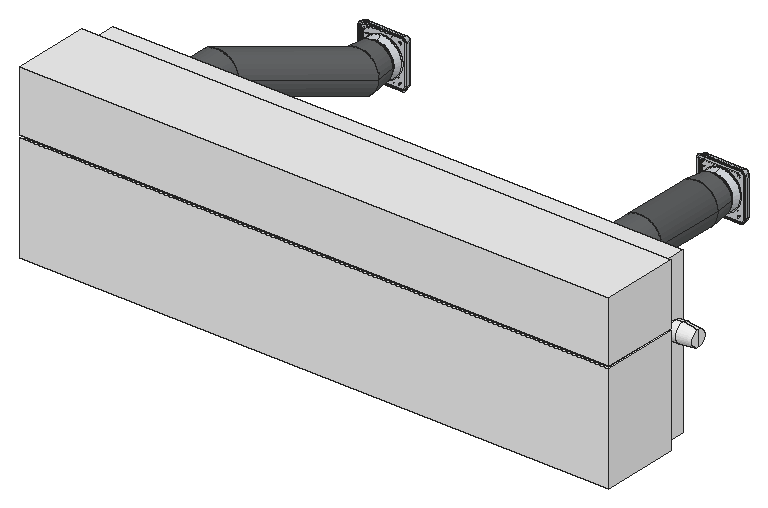
Revit family "57_CRD_ME_Vita_H1C", category Mechanical Equipment, Revit 2020
Family settings
  Round Connector Dimension = Use Diameter
  Classification = None
  Part Type = Normal
  Work Plane-Based = Yes
  Always vertical = Yes
  Cut with Voids When Loaded = Yes
  Shared = No
  Room Calculation Point = Yes
Parameters (values of type "1320  x 485 x 142")
  voltage = 230 V  # constant formula
  thermostaat_rechts [instance] = positie_invoer_cv < 4  # yes
  thermostaat_links [instance] = not(thermostaat_rechts)  # no
  schacht = yes
  ruimte_onder_unit = 20 mm  # constant formula
  roosters_hoh_maat [instance] = 880 mm
  rooster_offset_X_rechts [instance] = roosters_hoh_maat - hoh_ventilatie_doorvoeren + rooster_offset_X_links  # -109 mm
  rooster_offset_X_links_vrij_invullen [instance] = 0 mm
  positie_wcd_uit_hart_unit = 676 mm  # constant formula
  rooster_offset_Y [instance] = -100 mm
  rooster_offset_X_links [instance] = if(hart_roosters_gelijk_aan_hart_unit, (hoh_ventilatie_doorvoeren - roosters_hoh_maat) / 2, rooster_offset_X_links_vrij_invullen)  # 109 mm
  positie_invoer_cv [instance] = 2
  muurrooster_waalformaat [instance] = not(muurrooster_vierkant)  # no
  muurrooster_vierkant [instance] = yes
  materiaal_rooster [instance] = none
  materiaal_unit [instance] = aluminium_RAL_9016
  materiaal_kanaal [instance] = Color RAL 7021
  invoer_cv [instance] = 0.0 L/s
  hart_wand_cv_vanaf_vloerniveau [instance] = 178.149 mm
  hart_roosters_gelijk_aan_hart_unit [instance] = yes
  dikte_binnenspouwblad [instance] = 100 mm
  lengte_achterpaneel = lengte - 50 mm  # 1480 mm
  lengte = 1530 mm  # constant formula
  hoogte_ril = 6 mm
  hoogte = 445 mm  # constant formula
  hoh_ventilatie_doorvoeren = 549 mm * 2  # 1098 mm
  hart_wcd_tov_vloerpeil = 365 mm  # constant formula
  hart_doorvoer_tov_ok_kast = hart_wcd_tov_vloerpeil - ruimte_onder_unit  # 345 mm
  dikte_spouwconstructie [instance] = 500 mm
  diepte_ril = 6 mm
  diepte_achterpaneel = 70 mm  # constant formula
  diepte = 270 mm  # constant formula
  diameter_cv [instance] = 15 mm
  diameter_aansluiting [instance] = if(connection_diameter_110, 110 mm, 150 mm)  # 110 mm
  debiet_m3h_maximaal [instance] = 125.00 m³  # constant formula
  debiet_m3h [instance] = 100.00 m³
  debiet_Ls [instance] = debiet_m3h / 3600.0 s  # 27.7778 L/s
  6=cv_invoer_linksachter [instance] = positie_invoer_cv = 6  # no
  3=cv_invoer_rechtsachter [instance] = positie_invoer_cv = 3  # no
  5=cv_invoer_linksonder [instance] = positie_invoer_cv = 5  # no
  2=cv_invoer_rechtsonder [instance] = positie_invoer_cv = 2  # yes
  1=cv_invoer_rechts [instance] = positie_invoer_cv = 1  # no
  4=cv_invoer_links [instance] = positie_invoer_cv = 4  # no
  connection_diameter_150 [instance] = 1 > 2  # no
  connection_diameter_110 [instance] = 2 > 1  # yes
  borstwering = hoogte + ruimte_onder_unit  # 465 mm
  bk_ril = 305 mm
  eis_offset_Y [instance] = "negatief getal ivm ontwatering"  # constant formula
  Model = "Sensa H2X"  # constant formula
  Manufacturer = "ClimaRad"  # constant formula
  Description = "ClimaRad Sensa H2X ventilatie-unit"  # constant formula
  Default Elevation = 1219.2 mm
Reference planes
  plane 1 "Center (Front/Back)": y = 0
  plane 2: z = 0
  plane 3 "Center (Left/Right)": x = 0
  plane 4: x = -765
  plane 5: x = 765
  plane 6: y = -270
  plane 7 "onderkant": z = 20
  plane 8 "bovenkant": z = 465
  plane 9: y = 500
  plane 10: y = -70
  plane 11 "links_cv": x = -740
  plane 12 "rechts_cv": x = 740
  plane 13 "onderkant_cv": z = 22.5
  plane 14: z = 447.5
  plane 15 "hart_doorvoer": z = 365
  plane 16: x = -549
  plane 17: x = 549
  plane 18: x = -676
  plane 19 "wcd": z = 365
  plane 20: z = 305
  plane 21: z = 299
  plane 22: y = -264
  plane 23: y = -105
  plane 24: y = -255
  plane 25: x = -750
  plane 26: x = 750
  plane 27 "thermostaatknop": y = -40
  plane 28 "invoer_cv": y = -35
  plane 29: z = 85
  plane 30: z = 135
  plane 31: z = 285
  plane 32: x = 640
  plane 33: x = 690
  plane 34: x = -640
  plane 35: x = -690
  plane 36: z = 178.149
Forms (mm)
  Extrusion 1, solid, material "aluminium_RAL_9016" <- "materiaal_unit"
    sketch origin (0, 0, 0) x (1, 0, 0) y (0, 0, 1)
      loop
        line (-765, 465) -> (-765, 20) -> (765, 20) -> (765, 465) -> (-765, 465)
    from 70 to 270
  Extrusion 2, solid, material "aluminium_RAL_9016" <- "materiaal_unit"
    sketch origin (0, 0, 0) x (1, 0, 0) y (0, 0, 1)
      loop
        line (-740, 447.5) -> (-740, 22.5) -> (740, 22.5) -> (740, 447.5) -> (-740, 447.5)
    from 0 to 70
  Sweep 3, void
    path origin (0, 0, 465) x (-1, 0, 0) y (0, -1, 0)
      loop
        line (765, 70) -> (765, 270) -> (-765, 270) -> (-765, 70)
    profile origin (0, -270, 465) x (0, 1, 0) y (0, 0, 1)
      loop
        line (6, -166) -> (6, -160) -> (0, -160) -> (0, -166) -> (6, -166)
  Extrusion 4, solid, material "aluminium_RAL_9016" <- "materiaal_unit", visible <- "1=cv_invoer_rechts"
    sketch origin (740, 0, 0) x (0, 1, 0) y (0, 0, 1)
      loop
        circle (-35, 85) r 7.5
    from 0 to 10
  Extrusion 5, solid, material "aluminium_RAL_9016" <- "materiaal_unit", visible <- "1=cv_invoer_rechts"
    sketch origin (740, 0, 0) x (0, 1, 0) y (0, 0, 1)
      loop
        circle (-35, 135) r 7.5
    from 0 to 10
  Revolve 6, solid, material "aluminium_RAL_9016" <- "materiaal_unit", visible <- "thermostaat_rechts"
    sketch origin (0, -40, 0) x (-1, 0, 0) y (0, 0, 1)
      loop
        line (-747.5, 285) -> (-747.5, 303.75) -> (-756.09, 303.75) -> (-756.09, 309.5) -> (-773.59, 309.5) -> (-812.09, 305.453) -> (-812.09, 285) -> (-747.5, 285)
      axis (-747.5, 285) -> (-812.09, 285)
    angle from 0 to 360
  Revolve 7, solid, material "aluminium_RAL_9016" <- "materiaal_unit", visible <- "thermostaat_links"
    sketch origin (0, -40, 0) x (1, 0, 0) y (0, 0, 1)
      loop
        line (-747.5, 285) -> (-747.5, 303.75) -> (-756.09, 303.75) -> (-756.09, 309.5) -> (-773.59, 309.5) -> (-812.09, 305.453) -> (-812.09, 285) -> (-747.5, 285)
      axis (-747.5, 285) -> (-812.09, 285)
    angle from 0 to 360
  Extrusion 8, solid, material "aluminium_RAL_9016" <- "materiaal_unit", visible <- "4=cv_invoer_links"
    sketch origin (-740, 0, 0) x (0, 1, 0) y (0, 0, 1)
      loop
        circle (-35, 85) r 7.5
    from 0 to -10
  Extrusion 9, solid, material "aluminium_RAL_9016" <- "materiaal_unit", visible <- "4=cv_invoer_links"
    sketch origin (-740, 0, 0) x (0, 1, 0) y (0, 0, 1)
      loop
        circle (-35, 135) r 7.5
    from 0 to -10
  Extrusion 10, solid, material "aluminium_RAL_9016" <- "materiaal_unit", visible <- "5=cv_invoer_linksonder"
    sketch origin (0, 0, 22.5) x (0, 1, 0) y (-1, 0, 0)
      loop
        circle (-35, 690) r 7.5
    from 0 to -10
  Extrusion 11, solid, material "aluminium_RAL_9016" <- "materiaal_unit", visible <- "5=cv_invoer_linksonder"
    sketch origin (50, 0, 22.5) x (0, 1, 0) y (-1, 0, 0)
      loop
        circle (-35, 690) r 7.5
    from 0 to -10
  Extrusion 12, solid, material "aluminium_RAL_9016" <- "materiaal_unit", visible <- "2=cv_invoer_rechtsonder"
    sketch origin (1330, 0, 22.5) x (0, 1, 0) y (-1, 0, 0)
      loop
        circle (-35, 690) r 7.5
    from 0 to -10
  Extrusion 13, solid, material "aluminium_RAL_9016" <- "materiaal_unit", visible <- "2=cv_invoer_rechtsonder"
    sketch origin (1380, 0, 22.5) x (0, 1, 0) y (-1, 0, 0)
      loop
        circle (-35, 690) r 7.5
    from 0 to -10
  Extrusion 14, solid, material "aluminium_RAL_9016" <- "materiaal_unit", visible <- "3=cv_invoer_rechtsachter"
    sketch origin (0, 0, 0) x (1, 0, 0) y (0, 0, 1)
      loop
        circle (690, 178.149) r 7.5
    from 0 to -10
  Extrusion 15, solid, material "aluminium_RAL_9016" <- "materiaal_unit", visible <- "3=cv_invoer_rechtsachter"
    sketch origin (0, 0, 0) x (1, 0, 0) y (0, 0, 1)
      loop
        circle (640, 178.149) r 7.5
    from 0 to -10
  Extrusion 16, solid, material "aluminium_RAL_9016" <- "materiaal_unit", visible <- "6=cv_invoer_linksachter"
    sketch origin (0, 0, 0) x (1, 0, 0) y (0, 0, 1)
      loop
        circle (-640, 178.149) r 7.5
    from 0 to -10
  Extrusion 17, solid, material "aluminium_RAL_9016" <- "materiaal_unit", visible <- "6=cv_invoer_linksachter"
    sketch origin (0, 0, 0) x (1, 0, 0) y (0, 0, 1)
      loop
        circle (-690, 178.149) r 7.5
    from 0 to -10
Cuts and joins
  Sweep 3 cuts Extrusion 1
Lines and regions (mm)
  model lines, style "Grille"
    curve 1: line (-750, -105, 465) -> (-750, -255, 465)
    curve 2: line (750, -105, 465) -> (-750, -105, 465)
    curve 3: line (-750, -255, 465) -> (750, -255, 465)
    curve 4: line (750, -255, 465) -> (750, -105, 465)
    curve 5: line (750, -245.322, 465) -> (-750, -245.322, 465)
    curve 6: line (-750, -242.722, 465) -> (750, -242.722, 465)
    curve 7: line (750, -232.822, 465) -> (-750, -232.822, 465)
    curve 8: line (-750, -230.222, 465) -> (750, -230.222, 465)
    curve 9: line (750, -220.322, 465) -> (-750, -220.322, 465)
    curve 10: line (-750, -217.722, 465) -> (750, -217.722, 465)
    curve 11: line (750, -207.822, 465) -> (-750, -207.822, 465)
    curve 12: line (-750, -205.222, 465) -> (750, -205.222, 465)
    curve 13: line (750, -195.322, 465) -> (-750, -195.322, 465)
    curve 14: line (-750, -192.722, 465) -> (750, -192.722, 465)
    curve 15: line (750, -182.822, 465) -> (-750, -182.822, 465)
    curve 16: line (-750, -180.222, 465) -> (750, -180.222, 465)
    curve 17: line (750, -170.322, 465) -> (-750, -170.322, 465)
    curve 18: line (-750, -167.722, 465) -> (750, -167.722, 465)
    curve 19: line (750, -157.822, 465) -> (-750, -157.822, 465)
    curve 20: line (-750, -155.222, 465) -> (750, -155.222, 465)
    curve 21: line (750, -145.322, 465) -> (-750, -145.322, 465)
    curve 22: line (-750, -142.722, 465) -> (750, -142.722, 465)
    curve 23: line (750, -132.822, 465) -> (-750, -132.822, 465)
    curve 24: line (-750, -130.222, 465) -> (750, -130.222, 465)
    curve 25: line (750, -120.322, 465) -> (-750, -120.322, 465)
    curve 26: line (-750, -117.722, 465) -> (750, -117.722, 465)
    curve 27: line (750, -107.822, 465) -> (-750, -107.822, 465)
    curve 28: line (-730, -75.836, 465) -> (-730, -95.836, 465)
    curve 29: arc (-725, -70.836, 465) -> (-728.536, -72.3, 465) -> (-730, -75.836, 465) r 5
    curve 30: arc (-730, -95.836, 465) -> (-728.536, -99.371, 465) -> (-725, -100.836, 465) r 5
    curve 31: line (-725, -100.836, 465) -> (-515, -100.836, 465)
    curve 32: line (-515, -70.836, 465) -> (-725, -70.836, 465)
    curve 33: circle (-687, -85.836, 465) r 5 normal (0, 0, 1)
    curve 34: circle (-640, -85.836, 465) r 5 normal (0, 0, 1)
    curve 35: circle (-616, -85.836, 465) r 5 normal (0, 0, 1)
    curve 36: circle (-593.6, -85.836, 465) r 5 normal (0, 0, 1)
    curve 37: circle (-574.9, -85.836, 465) r 5 normal (0, 0, 1)
    curve 38: circle (-556.2, -85.836, 465) r 5 normal (0, 0, 1)
    curve 39: arc (-515, -100.836, 465) -> (-511.464, -99.371, 465) -> (-510, -95.836, 465) r 5
    curve 40: line (-510, -95.836, 465) -> (-510, -75.836, 465)
    curve 41: arc (-510, -75.836, 465) -> (-511.464, -72.3, 465) -> (-515, -70.836, 465) r 5
Dimensions and locks
  equal spacing: plane 4, plane 3 "Center (Left/Right)", plane 5
  "lengte": plane 4 to plane 5
  "diepte": plane 6 to plane 1 "Center (Front/Back)"
  "hoogte": plane 8 "bovenkant" to plane 7 "onderkant"
  "borstwering": plane 8 "bovenkant" to plane 2
  "dikte_spouwconstructie": plane 9 to plane 1 "Center (Front/Back)"
  "diepte_achterpaneel": plane 10 to plane 1 "Center (Front/Back)"
  equal spacing: plane 11 "links_cv", plane 3 "Center (Left/Right)", plane 12 "rechts_cv"
  "lengte_achterpaneel": plane 11 "links_cv" to plane 12 "rechts_cv"
  locked: plane 8 "bovenkant" to plane 14 at 17.5
  locked: plane 13 "onderkant_cv" to plane 7 "onderkant" at 2.5
  "hart_doorvoer_tov_ok_kast": plane 15 "hart_doorvoer" to plane 7 "onderkant"
  equal spacing: plane 17, plane 3 "Center (Left/Right)", plane 16
  "hoh_ventilatie_doorvoeren": plane 17 to plane 16
  "positie_wcd_uit_hart_unit": plane 3 "Center (Left/Right)" to plane 18
  "hart_wcd_tov_vloerpeil": plane 19 "wcd" to plane 2
  "bk_ril": plane 20 to plane 2
  "hoogte_ril": plane 20 to plane 21
  "diepte_ril": plane 22 to plane 6
  locked: plane 10 to plane 23 at 35
  plane 24 to plane 6 = 15 mm
  locked: plane 4 to plane 25 at 15
  locked: plane 26 to plane 5 at 15
  locked: plane 1 "Center (Front/Back)" to plane 27 "thermostaatknop" at 40
  plane 1 "Center (Front/Back)" to plane 28 "invoer_cv" = 35 mm
  plane 29 to plane 2 = 85 mm
  plane 30 to plane 29 = 50 mm
  plane 31 to plane 30 = 150 mm
  plane 35 to plane 34 to plane 3 "Center (Left/Right)" to plane 32 = 50 mm, 640 mm, 640 mm
  plane 32 to plane 33 = 50 mm
  "hart_wand_cv_vanaf_vloerniveau": plane 36 to plane 2
  "diameter_cv": diameter of Extrusion 14 sketch curve
  "diameter_cv": diameter of Extrusion 15 sketch curve
  "diameter_cv": diameter of Extrusion 16 sketch curve
  "diameter_cv": diameter of Extrusion 17 sketch curve
  aligned and locked: level to plane 2
  aligned and locked: Extrusion 1 sketch curve to plane 8 "bovenkant"
  aligned and locked: plane 4 to Extrusion 1 sketch curve
  aligned and locked: Extrusion 1 sketch curve to plane 7 "onderkant"
  aligned and locked: Extrusion 1 sketch curve to plane 5
  aligned and locked: Extrusion 1 to plane 6
  aligned and locked: plane 10 to Extrusion 1
  aligned and locked: Extrusion 2 sketch curve to plane 14
  aligned and locked: plane 11 "links_cv" to Extrusion 2 sketch curve
  aligned and locked: plane 13 "onderkant_cv" to Extrusion 2 sketch curve
  aligned and locked: Extrusion 2 sketch curve to plane 12 "rechts_cv"
  aligned and locked: Extrusion 2 to plane 10
  aligned and locked: nested 1 to plane 1 "Center (Front/Back)"
  aligned and locked: nested 1 to plane 16
  aligned and locked: nested 3 to plane 1 "Center (Front/Back)"
  aligned and locked: nested 3 to plane 17
  aligned and locked: Sweep 3 sketch curve to plane 6
  aligned and locked: Sweep 3 sketch curve to plane 4
  aligned and locked: Sweep 3 sketch curve to plane 5
  aligned and locked: plane 10 to Sweep 3 sketch curve  (x2)
  aligned and locked: plane 21 to Sweep 3 sketch curve
  aligned and locked: Sweep 3 sketch curve to plane 22
  aligned and locked: Sweep 3 sketch curve to plane 20
  aligned and locked: Sweep 3 sketch curve to profile plane
  aligned and locked: curve 1 to plane 25
  aligned and locked: curve 3 to plane 24
  aligned and locked: plane 23 to curve 2
  aligned and locked: plane 26 to curve 4
Automatic sketch dimensions
  curve 34 to plane 34 = 0 mm
  plane 23 to curve 40 = 9.164 mm
  plane 16 to curve 40 = 39 mm
  curve 40 to curve 41 = 5 mm
  curve 39 to curve 39 = 5 mm
  curve 38 to plane 16 = 7.2 mm
  curve 38 to curve 37 = 18.7 mm
  curve 37 to curve 36 = 18.7 mm
  curve 36 to curve 35 = 22.4 mm
  curve 33 to plane 35 = 3 mm
  curve 32 to plane 10 = 0.836 mm
  plane 11 "links_cv" to curve 32 = 15 mm
  plane 11 "links_cv" to curve 31 = 15 mm
  curve 29 to curve 28 = 5 mm
  curve 38 to plane 10 = 15.836 mm
  curve 37 to plane 10 = 15.836 mm
  curve 33 to plane 10 = 15.836 mm
  curve 35 to plane 10 = 15.836 mm
  curve 34 to plane 10 = 15.836 mm
  curve 36 to plane 10 = 15.836 mm
  curve 2 to curve 27 = 2.822 mm
  curve 27 to curve 26 = 9.9 mm
  curve 26 to curve 25 = 2.6 mm
  curve 25 to curve 24 = 9.9 mm
  curve 24 to curve 23 = 2.6 mm
  curve 23 to curve 22 = 9.9 mm
  curve 22 to curve 21 = 2.6 mm
  curve 21 to curve 20 = 9.9 mm
  curve 20 to curve 19 = 2.6 mm
  curve 19 to curve 18 = 9.9 mm
  curve 18 to curve 17 = 2.6 mm
  curve 17 to curve 16 = 9.9 mm
  curve 16 to curve 15 = 2.6 mm
  curve 15 to curve 14 = 9.9 mm
  curve 14 to curve 13 = 2.6 mm
  curve 13 to curve 12 = 9.9 mm
  curve 12 to curve 11 = 2.6 mm
  curve 11 to curve 10 = 9.9 mm
  curve 10 to curve 9 = 2.6 mm
  curve 9 to curve 8 = 9.9 mm
  curve 8 to curve 7 = 2.6 mm
  curve 7 to curve 6 = 9.9 mm
  curve 6 to curve 5 = 2.6 mm
  Extrusion 4 sketch curve to plane 28 "invoer_cv" = 0 mm
  Extrusion 4 sketch curve to plane 29 = 0 mm
  Extrusion 5 sketch curve to plane 28 "invoer_cv" = 0 mm
  Extrusion 5 sketch curve to plane 30 = 0 mm
  Revolve 6 sketch curve to plane 31 = 0 mm  (x2)
  plane 20 to Revolve 6 sketch curve = 0.453 mm
  plane 5 to Revolve 6 sketch curve = 47.09 mm
  plane 5 to Revolve 6 sketch curve = 8.59 mm
  Revolve 6 sketch curve to plane 20 = 1.25 mm
  plane 26 to Revolve 6 sketch curve = 6.09 mm
  Revolve 6 sketch curve to plane 26 = 2.5 mm
  plane 20 to Revolve 6 sketch curve = 4.5 mm
  Revolve 6 sketch curve to Revolve 6 sketch curve = 1086.893 mm
  Revolve 6 sketch curve to plane 4 = 682.782 mm
  Revolve 7 sketch curve to plane 31 = 0 mm  (x2)
  Revolve 7 sketch curve to plane 20 = 0.453 mm
  plane 4 to Revolve 7 sketch curve = 47.09 mm
  plane 4 to Revolve 7 sketch curve = 8.59 mm
  plane 20 to Revolve 7 sketch curve = 1.25 mm
  plane 25 to Revolve 7 sketch curve = 6.09 mm
  Revolve 7 sketch curve to plane 25 = 2.5 mm
  Revolve 7 sketch curve to plane 20 = 4.5 mm
  Revolve 7 sketch curve to Revolve 7 sketch curve = 1086.893 mm
  Revolve 7 sketch curve to plane 5 = 682.782 mm
  Extrusion 8 sketch curve to plane 28 "invoer_cv" = 0 mm
  Extrusion 8 sketch curve to plane 29 = 0 mm
  Extrusion 9 sketch curve to plane 28 "invoer_cv" = 0 mm
  Extrusion 9 sketch curve to plane 30 = 0 mm
  Extrusion 10 sketch curve to plane 28 "invoer_cv" = 0 mm
  Extrusion 10 sketch curve to plane 35 = 0 mm
  Extrusion 11 sketch curve to plane 28 "invoer_cv" = 0 mm
  Extrusion 11 sketch curve to plane 34 = 0 mm
  Extrusion 12 sketch curve to plane 28 "invoer_cv" = 0 mm
  Extrusion 12 sketch curve to plane 32 = 0 mm
  Extrusion 13 sketch curve to plane 28 "invoer_cv" = 0 mm
  Extrusion 13 sketch curve to plane 33 = 0 mm
  Extrusion 14 sketch curve to plane 33 = 0 mm
  Extrusion 14 sketch curve to plane 36 = 0 mm
  Extrusion 15 sketch curve to plane 32 = 0 mm
  Extrusion 15 sketch curve to plane 36 = 0 mm
  plane 34 to Extrusion 16 sketch curve = 0 mm
  Extrusion 16 sketch curve to plane 36 = 0 mm
  plane 35 to Extrusion 17 sketch curve = 0 mm
  Extrusion 17 sketch curve to plane 36 = 0 mm
  radius of curve 33 = 5 mm
  radius of curve 34 = 5 mm
  radius of curve 35 = 5 mm
  radius of curve 36 = 5 mm
  radius of curve 37 = 5 mm
  radius of curve 38 = 5 mm
  radius of Extrusion 4 sketch curve = 7.5 mm
  radius of Extrusion 5 sketch curve = 7.5 mm
  radius of Extrusion 8 sketch curve = 7.5 mm
  radius of Extrusion 9 sketch curve = 7.5 mm
  radius of Extrusion 10 sketch curve = 7.5 mm
  radius of Extrusion 11 sketch curve = 7.5 mm
  radius of Extrusion 12 sketch curve = 7.5 mm
  radius of Extrusion 13 sketch curve = 7.5 mm
Nested families
  nested 1: "57_CRD_AT_aansluiting_muurrooster_flex" at (-549, 0, 365) x (-1, 0, 0) z (0, 0, 1), materiaal_rooster <- "materiaal_rooster", diepte <- "dikte_spouwconstructie", lengte_recht_deel_aansluiting <- "dikte_binnenspouwblad", offset_X <- "rooster_offset_X_rechts", offset_Y <- "rooster_offset_Y", Connection Diameter 150 <- "connection_diameter_150", muurrooster_waalformaat <- "muurrooster_waalformaat", materiaal_kanaal <- "materiaal_kanaal", type "Grille"
    with rekenwaarde_offset_Y 900 mm, rekenwaarde_offset_X 891 mm, offset_Y -100 mm, offset_X -109 mm, muurrooster_waalformaat no, muurrooster_vierkant yes, materiaal_rooster none, materiaal_kanaal Color RAL 7021, lengte_recht_deel_aansluiting 100 mm, diepte 500 mm, Tube Length 470 mm, R 55 mm, Diameter 110 mm, Connection Diameter 150 no, Connection Diameter 110 yes, Connection Diameter 110 mm
  nested 2: "Square Grille" at (-440, 500.025, 265) x (-1, 0, 0) z (0, 0, 1), type "Square Grille"
    with materiaal none, Function Code ""
  nested 3: "57_CRD_AT_aansluiting_muurrooster_flex" at (549, 0, 365) x (-1, 0, 0) z (0, 0, 1), materiaal_rooster <- "materiaal_rooster", diepte <- "dikte_spouwconstructie", lengte_recht_deel_aansluiting <- "dikte_binnenspouwblad", offset_X <- "rooster_offset_X_links", offset_Y <- "rooster_offset_Y", Connection Diameter 150 <- "connection_diameter_150", muurrooster_waalformaat <- "muurrooster_waalformaat", materiaal_kanaal <- "materiaal_kanaal", type "Grille"
    with rekenwaarde_offset_Y 900 mm, rekenwaarde_offset_X 1109 mm, offset_Y -100 mm, offset_X 109 mm, muurrooster_waalformaat no, muurrooster_vierkant yes, materiaal_rooster none, materiaal_kanaal Color RAL 7021, lengte_recht_deel_aansluiting 100 mm, diepte 500 mm, Tube Length 470 mm, R 55 mm, Diameter 110 mm, Connection Diameter 150 no, Connection Diameter 110 yes, Connection Diameter 110 mm
  nested 4: "Square Grille" at (440, 500.025, 265) x (-1, 0, 0) z (0, 0, 1), type "Square Grille"
    with materiaal none, Function Code ""
Connectors
  hvac at (-549, 0, 365), driven by "diameter_aansluiting", driven by "debiet_Ls"
    settings: on nested 1, index 3, duct flow 27.7778 L/s, flow factor 0, pres drop 0.0 Pa, loss coef 0, conn angle 0.00°, conn width 304.8 mm, conn height 304.8 mm, conn diameter 110 mm, duct sys type 2, conn prof type 0, flow config 1, flow direction 2, loss method 0, conn ref index -1, conn util no, is conn primary yes, conn desc ""
  hvac at (549, 0, 365), driven by "diameter_aansluiting", driven by "debiet_Ls"
    settings: on nested 3, index 4, duct flow 27.7778 L/s, flow factor 0, pres drop 0.0 Pa, loss coef 0, conn angle 0.00°, conn width 304.8 mm, conn height 304.8 mm, conn diameter 110 mm, duct sys type 1, conn prof type 0, flow config 1, flow direction 1, loss method 0, conn ref index -1, conn util no, is conn primary no, conn desc ""
  piping at (750, -35, 135), diameter 15, driven by "invoer_cv", driven by "diameter_cv"
    settings: on Extrusion 5, index 5, connector inside diameter 609.6 mm, connector length 0 mm, flow factor 0, pipe flow 0.0 L/s, pressure drop 0.0 Pa, fitting loss kfactor 0, connector angle 0.00°, fixture units 0, engagement length 0 mm, angle of deflection 0.00°, flow configuration 0, flow direction 1, fitting loss method 0, system type 7, joint type 0, gender type 0, connector reference index -1, connector utility 0, adjustable connector no, is connector primary yes, connector description ""
  piping at (750, -35, 85), diameter 15, driven by "invoer_cv", driven by "diameter_cv"
    settings: on Extrusion 4, index 6, connector inside diameter 609.6 mm, connector length 0 mm, flow factor 0, pipe flow 0.0 L/s, pressure drop 0.0 Pa, fitting loss kfactor 0, connector angle 0.00°, fixture units 0, engagement length 0 mm, angle of deflection 0.00°, flow configuration 0, flow direction 2, fitting loss method 0, system type 8, joint type 0, gender type 0, connector reference index -1, connector utility 0, adjustable connector no, is connector primary no, connector description ""
  piping at (-750, -35, 135), diameter 15, driven by "invoer_cv", driven by "diameter_cv"
    settings: on Extrusion 9, index 7, connector inside diameter 609.6 mm, connector length 0 mm, flow factor 0, pipe flow 0.0 L/s, pressure drop 0.0 Pa, fitting loss kfactor 0, connector angle 0.00°, fixture units 0, engagement length 0 mm, angle of deflection 0.00°, flow configuration 0, flow direction 1, fitting loss method 0, system type 7, joint type 0, gender type 0, connector reference index -1, connector utility 0, adjustable connector no, is connector primary no, connector description ""
  piping at (-750, -35, 85), diameter 15, driven by "invoer_cv", driven by "diameter_cv"
    settings: on Extrusion 8, index 8, connector inside diameter 609.6 mm, connector length 0 mm, flow factor 0, pipe flow 0.0 L/s, pressure drop 0.0 Pa, fitting loss kfactor 0, connector angle 0.00°, fixture units 0, engagement length 0 mm, angle of deflection 0.00°, flow configuration 0, flow direction 2, fitting loss method 0, system type 8, joint type 0, gender type 0, connector reference index -1, connector utility 0, adjustable connector no, is connector primary no, connector description ""
  piping at (-690, -35, 12.5), diameter 15, driven by "diameter_cv", driven by "invoer_cv"
    settings: on Extrusion 10, index 9, connector inside diameter 609.6 mm, connector length 0 mm, flow factor 0, pipe flow 0.0 L/s, pressure drop 0.0 Pa, fitting loss kfactor 0, connector angle 0.00°, fixture units 0, engagement length 0 mm, angle of deflection 0.00°, flow configuration 0, flow direction 1, fitting loss method 0, system type 7, joint type 0, gender type 0, connector reference index -1, connector utility 0, adjustable connector no, is connector primary no, connector description ""
  piping at (-640, -35, 12.5), diameter 15, driven by "diameter_cv", driven by "invoer_cv"
    settings: on Extrusion 11, index 10, connector inside diameter 609.6 mm, connector length 0 mm, flow factor 0, pipe flow 0.0 L/s, pressure drop 0.0 Pa, fitting loss kfactor 0, connector angle 0.00°, fixture units 0, engagement length 0 mm, angle of deflection 0.00°, flow configuration 0, flow direction 2, fitting loss method 0, system type 8, joint type 0, gender type 0, connector reference index -1, connector utility 0, adjustable connector no, is connector primary no, connector description ""
  piping at (690, -35, 12.5), diameter 15, driven by "diameter_cv", driven by "invoer_cv"
    settings: on Extrusion 13, index 11, connector inside diameter 609.6 mm, connector length 0 mm, flow factor 0, pipe flow 0.0 L/s, pressure drop 0.0 Pa, fitting loss kfactor 0, connector angle 0.00°, fixture units 0, engagement length 0 mm, angle of deflection 0.00°, flow configuration 0, flow direction 2, fitting loss method 0, system type 8, joint type 0, gender type 0, connector reference index -1, connector utility 0, adjustable connector no, is connector primary no, connector description ""
  piping at (640, -35, 12.5), diameter 15, driven by "diameter_cv", driven by "invoer_cv"
    settings: on Extrusion 12, index 12, connector inside diameter 609.6 mm, connector length 0 mm, flow factor 0, pipe flow 0.0 L/s, pressure drop 0.0 Pa, fitting loss kfactor 0, connector angle 0.00°, fixture units 0, engagement length 0 mm, angle of deflection 0.00°, flow configuration 0, flow direction 1, fitting loss method 0, system type 7, joint type 0, gender type 0, connector reference index -1, connector utility 0, adjustable connector no, is connector primary no, connector description ""
  electrical at (0, 0, 235), driven by "voltage"
    settings: on Extrusion 2, index 13, voltage 230 V, apparent load 0 VA, apparent load phase1 0 VA, apparent load phase2 0 VA, apparent load phase3 0 VA, power factor 1, load classification "Other", number of poles 1, system type 30, power factor state 1, is connector primary yes, connector utility no, sub classification motor no, connector description ""
  piping at (690, 10, 178.149), diameter 15, driven by "diameter_cv", driven by "invoer_cv"
    settings: on Extrusion 14, index 14, connector inside diameter 609.6 mm, connector length 0 mm, flow factor 0, pipe flow 0.0 L/s, pressure drop 0.0 Pa, fitting loss kfactor 0, connector angle 0.00°, fixture units 0, engagement length 0 mm, angle of deflection 0.00°, flow configuration 0, flow direction 2, fitting loss method 0, system type 8, joint type 0, gender type 0, connector reference index -1, connector utility 0, adjustable connector no, is connector primary no, connector description ""
  piping at (640, 10, 178.149), diameter 15, driven by "diameter_cv", driven by "invoer_cv"
    settings: on Extrusion 15, index 15, connector inside diameter 609.6 mm, connector length 0 mm, flow factor 0, pipe flow 0.0 L/s, pressure drop 0.0 Pa, fitting loss kfactor 0, connector angle 0.00°, fixture units 0, engagement length 0 mm, angle of deflection 0.00°, flow configuration 0, flow direction 1, fitting loss method 0, system type 7, joint type 0, gender type 0, connector reference index -1, connector utility 0, adjustable connector no, is connector primary no, connector description ""
  piping at (-640, 10, 178.149), diameter 15, driven by "diameter_cv", driven by "invoer_cv"
    settings: on Extrusion 16, index 16, connector inside diameter 609.6 mm, connector length 0 mm, flow factor 0, pipe flow 0.0 L/s, pressure drop 0.0 Pa, fitting loss kfactor 0, connector angle 0.00°, fixture units 0, engagement length 0 mm, angle of deflection 0.00°, flow configuration 0, flow direction 2, fitting loss method 0, system type 8, joint type 0, gender type 0, connector reference index -1, connector utility 0, adjustable connector no, is connector primary no, connector description ""
  piping at (-690, 10, 178.149), diameter 15, driven by "diameter_cv", driven by "invoer_cv"
    settings: on Extrusion 17, index 17, connector inside diameter 609.6 mm, connector length 0 mm, flow factor 0, pipe flow 0.0 L/s, pressure drop 0.0 Pa, fitting loss kfactor 0, connector angle 0.00°, fixture units 0, engagement length 0 mm, angle of deflection 0.00°, flow configuration 0, flow direction 1, fitting loss method 0, system type 7, joint type 0, gender type 0, connector reference index -1, connector utility 0, adjustable connector no, is connector primary no, connector description ""
Definition of nested family "57_CRD_AT_aansluiting_muurrooster_flex"
  Parameters (values of type "Grille")
    rekenwaarde_offset_Y [instance] = offset_Y + 1000 mm  # 1850 mm
    rekenwaarde_offset_X [instance] = offset_X + 1000 mm  # 1850 mm
    offset_Y [instance] = 850 mm
    offset_X [instance] = 850 mm
    muurrooster_waalformaat [instance] = yes
    muurrooster_vierkant [instance] = not(muurrooster_waalformaat)  # no
    materiaal_rooster [instance] = none
    materiaal_kanaal [instance] = none
    lengte_recht_deel_aansluiting [instance] = 100 mm
    diepte [instance] = 600 mm
    Width = 210 mm
    Watermarked By = ""
    URL = "www.stabiplan.com"
    Tube Length [instance] = if(muurrooster_waalformaat, diepte - 80 mm, diepte - 30 mm)  # 520 mm
    R [instance] = Connection Diameter / 2  # 75 mm
    Model = ""
    Manufacturer = "ClimaRad"  # constant formula
    IFCExportType = "GRILLE"  # constant formula
    IFCExportAs = "IfcAirTerminal"  # constant formula
    Height = 53 mm
    Diameter [instance] = Connection Diameter  # 150 mm
    Description = ""
    Depth = 7.5 mm
    Default Elevation = 1219.2 mm
    Connection Diameter 150 [instance] = yes
    Connection Diameter 110 [instance] = not(Connection Diameter 150)  # no
    Connection Diameter [instance] = if(Connection Diameter 110, 110 mm, 150 mm)  # 150 mm
    Keynote = "﻿﻿​        ﻿﻿  ﻿ ﻿   ﻿ ﻿ ﻿     ﻿   ﻿ ﻿  ﻿﻿ ﻿     ​                      ﻿     ﻿     ​         ​              ﻿                           ​﻿﻿"
    Type Comments = "﻿﻿​        ﻿﻿  ﻿ ﻿   ﻿ ﻿ ﻿     ﻿   ﻿ ﻿  ﻿﻿ ﻿     ​                      ﻿     ﻿     ​         ​              ﻿                           ​﻿﻿"
    Assembly Code = "﻿﻿​        ﻿﻿  ﻿ ﻿   ﻿ ﻿ ﻿     ﻿   ﻿ ﻿  ﻿﻿ ﻿     ​                      ﻿     ﻿     ​         ​              ﻿                           ​﻿﻿"
  Reference planes
    plane 1 "Center (Front/Back)": y = 0
    plane 2: z = 0
    plane 3 "Center (Left/Right)": x = 0
    plane 4: y = -340.025
    plane 5: x = 43
    plane 6: x = -43
    plane 7 "achterkant_rooster": y = -520
    plane 8: x = -1000
    plane 9: z = -1000
    plane 10: x = 850
    plane 11 "level_muurrooster": z = 850
    plane 12 "asp_rooster": y = -470.025
    plane 13 "ventura_ASP": y = -100
    plane 14: y = -550.025
    plane 15: y = -600.025
  Forms (mm)
    Extrusion 1, solid, material <- "materiaal_kanaal"
      sketch origin (0, -100, 0) x (-1, 0, 0) y (0, 0, 1)
        loop
          circle (0, 0) r 75
      from 0 to 100
    Blend 2, solid, material <- "materiaal_kanaal"
      base sketch origin (0, -100, 0) x (-1, 0, 0) y (0, 0, 1)
        loop
          circle (0, 0) r 75
      top sketch origin (0, -470.025, 0) x (-1, 0, 0) y (0, 0, 1)
        loop
          circle (-850, 850.501) r 75
      from 0 to 0
    SweptBlend 3, solid, material <- "materiaal_kanaal"
      path origin (0, -430.025, 850) x (-1, 0, 0) y (0, -1, 0)
        loop
          line (-850, 40) -> (-850, 89.975)
      profile origin (850, -470.025, 850) x (1, 0, 0) y (0, 0, 1)
        loop
          circle (0, 0.501) r 75
      end profile origin (850, -520, 850) x (1, 0, 0) y (0, 0, 1)
        loop
          circle (0, 0.501) r 50
  Lines and regions (mm)
    model lines
      curve 1: line (850, -470.025, 850) -> (850, -520, 850)
  Dimensions and locks
    equal spacing: plane 6, plane 3 "Center (Left/Right)", plane 5
    locked: plane 6 to plane 5 at 86
    plane 1 "Center (Front/Back)" to plane 4 = 340.025 mm
    plane 7 "achterkant_rooster" to plane 1 "Center (Front/Back)" = 520 mm
    locked: plane 3 "Center (Left/Right)" to plane 8 at 1000
    locked: plane 2 to plane 9 at 1000
    "rekenwaarde_offset_Y": plane 11 "level_muurrooster" to plane 9
    "rekenwaarde_offset_X": plane 10 to plane 8
    locked: plane 14 to plane 15 at 50
    "Tube Length": plane 7 "achterkant_rooster" to plane 1 "Center (Front/Back)"
    locked: plane 7 "achterkant_rooster" to plane 12 "asp_rooster" at 49.975
    locked: plane 15 to plane 7 "achterkant_rooster" at 80.025
    "lengte_recht_deel_aansluiting": plane 1 "Center (Front/Back)" to plane 13 "ventura_ASP"
    "Diameter": diameter of Extrusion 1 sketch curve
    "Diameter": diameter of Blend 2 sketch curve  (x2)
    "Diameter": diameter of SweptBlend 3 sketch curve
    aligned and locked: level to plane 2
    aligned and locked: plane 7 "achterkant_rooster" to SweptBlend 3 sketch curve
    aligned and locked: SweptBlend 3 sketch curve to plane 12 "asp_rooster"
    aligned and locked: plane 10 to nested 1
    aligned and locked: plane 14 to nested 2
    aligned and locked: plane 10 to nested 2
    aligned and locked: plane 15 to nested 1
    aligned and locked: Extrusion 1 to plane 1 "Center (Front/Back)"
  Automatic sketch dimensions
    plane 7 "achterkant_rooster" to curve 1 = 0 mm
    curve 1 to plane 10 = 0 mm
    curve 1 to plane 12 "asp_rooster" = 0 mm
    SweptBlend 3 sketch curve to plane 10 = 0 mm
    profile plane to SweptBlend 3 sketch curve = 0 mm  (x2)
    plane 11 "level_muurrooster" to SweptBlend 3 sketch curve = 0.501 mm  (x2)
    Extrusion 1 sketch curve to level = 0 mm
    Extrusion 1 sketch curve to plane 3 "Center (Left/Right)" = 0 mm
    Blend 2 sketch curve to level = 0 mm
    Blend 2 sketch curve to plane 3 "Center (Left/Right)" = 0 mm
    Blend 2 sketch curve to Blend 2 sketch curve = 0 mm  (x2)
    plane 10 to Blend 2 sketch curve = 0 mm
    plane 11 "level_muurrooster" to Blend 2 sketch curve = 0.501 mm
    radius of SweptBlend 3 sketch curve = 50 mm
  Nested families
    nested 1: "Rectangular Grille" at (850, -600.025, 850), materiaal <- "materiaal_rooster", visible <- "muurrooster_waalformaat", type "Rectangular Grille"
      with materiaal none, Function Code "", Default Elevation 0 mm
    nested 2: "Square Grille" at (850, -550.025, 850), materiaal <- "materiaal_rooster", visible <- "muurrooster_vierkant", type "Square Grille"
      with materiaal none, Function Code ""
  Definition of nested family "Rectangular Grille"
    Parameters (values of type "Rectangular Grille")
      Width = 210 mm
      Wholesaler Art. No. = ""
      Wholesaler = ""
      materiaal [instance] = none
      Watermarked By = "www.stabiplan.com"
      URL = "www.stabiplan.com"
      Type Comments = "﻿﻿ ﻿ ﻿﻿﻿﻿﻿﻿          ​          ﻿       ﻿   ﻿  ﻿  ﻿  ﻿​     ​​  ​​   ​​   ﻿﻿     ​      ​​  ​​      ﻿     ﻿   ﻿      ﻿  ﻿﻿"
      Stabu Code = ""
      Revit Version = "2014"  # constant formula
      Product Line = "ClimaRad"
      Model = "53x210"
      Manufacturer URL = "www.climarad.com"
      Manufacturer Art. No. = "3511103"
      Manufacturer = "ClimaRad"
      MEPcontent Class = "GRILLE"  # constant formula
      Keynote = "﻿﻿ ﻿ ﻿﻿﻿﻿﻿﻿          ​          ﻿       ﻿   ﻿  ﻿  ﻿  ﻿​     ​​  ​​   ​​   ﻿﻿     ​      ​​  ​​      ﻿     ﻿   ﻿      ﻿  ﻿﻿"
      Internal Art. No. = ""
      IFCExportType = "GRILLE"  # constant formula
      IFCExportAs = "IfcAirTerminalType"  # constant formula
      Height = 53 mm
      GTIN = ""
      Function Code [instance] = ""
      Family Version = "10.04"  # constant formula
      ETIM Article Class = "EC001297"
      EMCS Version = "2.0"  # constant formula
      Description = "Aluminium brick"
      Depth = 7.5 mm
      Default Elevation = 1219.2 mm
      Custom = no
      Copyright = "© Stabiplan International BV"  # constant formula
      Content Supplier URL = "www.mepcontent.eu"
      CB-NL Class = ""
      Assembly Code = "﻿﻿ ﻿ ﻿﻿﻿﻿﻿﻿          ​          ﻿       ﻿   ﻿  ﻿  ﻿  ﻿​     ​​  ​​   ​​   ﻿﻿     ​      ​​  ​​      ﻿     ﻿   ﻿      ﻿  ﻿﻿"
      Article Type = "53x210"
      Article Description = "Aluminium brick"
    Reference planes
      plane 1 "Center (Front/Back)": y = 0
      plane 2: z = 0
      plane 3 "Center (Left/Right)": x = 0
      plane 4: y = 90
    Forms (mm)
      Revolve 1, solid, material <- "materiaal", detail levels fine
        sketch origin (0, 50, 0) x (0, 1, 0) y (0, 0, 1)
          loop
            arc (39.018, 42.11) -> (39.963, 43.055) -> (39.018, 44) r 0.945
            line (39.018, 44) -> (38.22, 44)
            arc (38.22, 44) -> (37.144, 44.34) -> (36.461, 45.238) r 1.868
            line (36.461, 45.238) -> (36.176, 46.035)
            arc (36.176, 46.035) -> (35.58, 46.509) -> (34.985, 46.035) r 0.611
            line (34.985, 46.035) -> (34.985, 44.473)
            arc (34.985, 44.473) -> (34.391, 43.99) -> (33.796, 44.473) r 0.607
            line (33.796, 44.473) -> (33.796, 46.019)
            arc (33.796, 46.019) -> (33.188, 46.501) -> (32.58, 46.019) r 0.625
            line (32.58, 46.019) -> (32.287, 45.206)
            arc (32.287, 45.206) -> (31.587, 44.307) -> (30.491, 43.995) r 1.834
            line (30.491, 43.995) -> (29.298, 43.995)
            arc (29.298, 43.995) -> (28.157, 44.349) -> (27.417, 45.286) r 2.015
            line (27.417, 45.286) -> (27.157, 46.035)
            arc (27.157, 46.035) -> (26.562, 46.509) -> (25.966, 46.035) r 0.611
            line (25.966, 46.035) -> (25.966, 44.473)
            arc (25.966, 44.473) -> (25.372, 43.99) -> (24.777, 44.473) r 0.607
            line (24.777, 44.473) -> (24.777, 46.019)
            arc (24.777, 46.019) -> (24.169, 46.501) -> (23.561, 46.019) r 0.625
            line (23.561, 46.019) -> (23.268, 45.206)
            arc (23.268, 45.206) -> (22.536, 44.329) -> (21.442, 44) r 1.985
            line (21.442, 44) -> (0, 44) -> (0, 42.11) -> (39.018, 42.11)
          axis (39.018, 0) -> (0, 0)
        angle from 0 to 360
      Sweep 2, solid, material <- "materiaal", detail levels fine
        path origin (0, 0, 0) x (1, 0, 0) y (0, 0, 1)
          loop
            line (-104, 25.5) -> (-104, -25.5) -> (104, -25.5) -> (104, 25.5) -> (-104, 25.5)
        profile origin (0, 0, 25.5) x (0, 0, 1) y (0, -1, 0)
          loop
            line (-3.5, 6.5) -> (-0.973, 6.5)
            arc (-0.973, 6.5) -> (-0.285, 6.215) -> (0, 5.527) r 0.973
            line (0, 5.527) -> (0, 0) -> (1, 0) -> (1, 5.549)
            arc (1, 5.549) -> (0.429, 6.929) -> (-0.951, 7.5) r 1.951
            line (-0.951, 7.5) -> (-3.5, 7.5) -> (-3.5, 6.5)
      Extrusion 3, solid, material <- "materiaal", detail levels fine
        sketch origin (0, 0, 0) x (0, 1, 0) y (0, 0, 1)
          loop
            line (13.466, 12.788) -> (0.018, 16.392)
            arc (0.018, 16.392) -> (-0.847, 16.43) -> (-1.647, 16.098) r 2
            line (-1.647, 16.098) -> (-7.5, 12) -> (-6.926, 11.181) -> (-1.074, 15.279)
            arc (-1.074, 15.279) -> (-0.674, 15.445) -> (-0.241, 15.426) r 1
            line (-0.241, 15.426) -> (13.207, 11.822) -> (13.466, 12.788)
          loop
            line (13.466, 0.788) -> (0.018, 4.392)
            arc (0.018, 4.392) -> (-0.847, 4.43) -> (-1.647, 4.098) r 2
            line (-1.647, 4.098) -> (-7.5, 0) -> (-6.926, -0.819) -> (-1.074, 3.279)
            arc (-1.074, 3.279) -> (-0.674, 3.445) -> (-0.241, 3.426) r 1
            line (-0.241, 3.426) -> (13.207, -0.178) -> (13.466, 0.788)
          loop
            line (13.466, -11.212) -> (0.018, -7.608)
            arc (0.018, -7.608) -> (-0.847, -7.57) -> (-1.647, -7.902) r 2
            line (-1.647, -7.902) -> (-7.5, -12) -> (-6.926, -12.819) -> (-1.074, -8.721)
            arc (-1.074, -8.721) -> (-0.674, -8.555) -> (-0.241, -8.574) r 1
            line (-0.241, -8.574) -> (13.207, -12.178) -> (13.466, -11.212)
        from -99.5 to 99.5
      Extrusion 4, solid, material <- "materiaal", detail levels fine
        sketch origin (0, 0, 0) x (1, 0, 0) y (0, 1, 0)
          loop
            line (-104, 0) -> (-104, -4.5)
            arc (-104, -4.5) -> (-103.414, -5.914) -> (-102, -6.5) r 2
            line (-102, -6.5) -> (-100.377, -6.5)
            arc (-100.377, -6.5) -> (-99.058, -6.004) -> (-98.394, -4.761) r 2
            line (-98.394, -4.761) -> (-95.626, 16.266)
            arc (-95.626, 16.266) -> (-95.531, 17.224) -> (-95.5, 18.185) r 14.704
            line (-95.5, 18.185) -> (-95.5, 30.5) -> (-96.5, 30.5) -> (-96.5, 18.368)
            arc (-96.5, 18.368) -> (-96.535, 17.29) -> (-96.641, 16.216) r 16.483
            line (-96.641, 16.216) -> (-99.386, -4.631)
            arc (-99.386, -4.631) -> (-99.718, -5.252) -> (-100.377, -5.5) r 1
            line (-100.377, -5.5) -> (-102, -5.5)
            arc (-102, -5.5) -> (-102.707, -5.207) -> (-103, -4.5) r 1
            line (-103, -4.5) -> (-103, 0) -> (-104, 0)
          loop
            line (104, 0) -> (103, 0) -> (103, -4.5)
            arc (103, -4.5) -> (102.707, -5.207) -> (102, -5.5) r 1
            line (102, -5.5) -> (100.377, -5.5)
            arc (100.377, -5.5) -> (99.718, -5.252) -> (99.386, -4.631) r 1
            line (99.386, -4.631) -> (96.641, 16.216)
            arc (96.641, 16.216) -> (96.535, 17.29) -> (96.5, 18.368) r 16.483
            line (96.5, 18.368) -> (96.5, 30.5) -> (95.5, 30.5) -> (95.5, 18.185)
            arc (95.5, 18.185) -> (95.531, 17.224) -> (95.626, 16.266) r 14.704
            line (95.626, 16.266) -> (98.394, -4.761)
            arc (98.394, -4.761) -> (99.058, -6.004) -> (100.377, -6.5) r 2
            line (100.377, -6.5) -> (102, -6.5)
            arc (102, -6.5) -> (103.414, -5.914) -> (104, -4.5) r 2
            line (104, -4.5) -> (104, 0)
        from -22.5 to 22.483
      Extrusion 5, void
        sketch origin (0, 0, 0) x (0, 1, 0) y (0, 0, 1)
          loop
            line (28.768, 10) -> (30.5, 9) -> (30.5, 22.483) -> (11.436, 22.483) -> (15.5, 20.116) -> (15.5, 10) -> (28.768, 10)
          loop
            line (28.768, -10) -> (15.5, -10) -> (15.5, -20.116) -> (11.436, -22.483) -> (30.5, -22.483) -> (30.5, -9) -> (28.768, -10)
        from -105 to 105
      Extrusion 6, solid, material <- "materiaal", detail levels fine
        sketch origin (0, 120.385, -0.738) x (0, 1, 0) y (0, 0, 1)
          loop
            line (-119.375, 17.238) -> (-106.375, 13.755) -> (-106.375, 11.722) -> (-119.375, 8.238) -> (-119.375, 5.238) -> (-106.375, 1.755) -> (-106.375, -0.278) -> (-119.375, -3.762) -> (-119.375, -6.762) -> (-106.375, -10.245) -> (-106.375, -12.278) -> (-119.375, -15.762) -> (-119.375, -21.951) -> (-88.885, -21.684) -> (-88.885, 23.161) -> (-119.375, 23.427) -> (-119.375, 17.238)
        from -30.489 to -29.481
      Extrusion 7, solid, material <- "materiaal", detail levels fine
        sketch origin (0, 120.385, -0.738) x (0, 1, 0) y (0, 0, -1)
          loop
            line (-119.375, -17.238) -> (-119.375, -23.427) -> (-88.885, -23.161) -> (-88.885, 21.684) -> (-119.375, 21.951) -> (-119.375, 15.762) -> (-106.375, 12.278) -> (-106.375, 10.245) -> (-119.375, 6.762) -> (-119.375, 3.762) -> (-106.375, 0.278) -> (-106.375, -1.755) -> (-119.375, -5.238) -> (-119.375, -8.238) -> (-106.375, -11.722) -> (-106.375, -13.755) -> (-119.375, -17.238)
        from -30.489 to -29.481
      Extrusion 8, solid, material <- "materiaal", detail levels fine
        sketch origin (0, 0, 0) x (1, 0, 0) y (0, 0, 1)
          loop
            line (-104, 25.5) -> (-104, -25.5) -> (104, -25.5) -> (104, 25.5) -> (-104, 25.5)
          loop
            line (-103, 24.5) -> (-103, -24.5) -> (103, -24.5) -> (103, 24.5) -> (-103, 24.5)
        from 0 to -30.5
      SweptBlend 9, solid, material <- "materiaal", detail levels fine
        path in 3D
          loop
            line (0, 50, 0) -> (0, 30.5, 0)
        profile origin (0, 50, 0) x (1, 0, 0) y (0, 0, 1)
          loop
            arc (-32.665, 29.479) -> (-43.863, -3.472) -> (-27.619, -34.252) r 44
            arc (-27.619, -34.252) -> (-3.022, -43.896) -> (22.666, -37.713) r 44
            arc (22.666, -37.713) -> (43.292, -7.859) -> (34.475, 27.34) r 44
            arc (34.475, 27.34) -> (1.401, 43.978) -> (-32.665, 29.479) r 44
        end profile origin (0, 30.5, 0) x (1, 0, 0) y (0, 0, 1)
          loop
            line (-104, 25.5) -> (-104, -25.5) -> (104, -25.5) -> (104, 25.5) -> (-104, 25.5)
      Extrusion 10, solid, detail levels coarse+medium
        sketch origin (0, 0, 0) x (1, 0, 0) y (0, 0, 1)
          loop
            circle (0, 0) r 46.019
        from -90 to -50
      Extrusion 11, solid, detail levels coarse+medium
        sketch origin (0, 0, 0) x (1, 0, 0) y (0, 1, 0)
          loop
            line (-105, -7.5) -> (105, -7.5) -> (105, 30.18) -> (44, 50) -> (-44, 50) -> (-105, 30.18) -> (-105, -7.5)
        from -26.5 to 26.5
    Cuts and joins
      Extrusion 5 cuts Revolve 1
      Extrusion 5 cuts Extrusion 4
    Lines and regions (mm)
      sketch lines
        curve 1: line (0, 50, 0) -> (0, 30.5, 0)
    Dimensions and locks
      plane 1 "Center (Front/Back)" to plane 4 = 90 mm
      Extrusion 11 sketch curve to plane 1 "Center (Front/Back)" = 7.5 mm
      Extrusion 11 sketch curve to plane 3 "Center (Left/Right)" to Extrusion 11 sketch curve = 105 mm, 105 mm
      diameter of Extrusion 10 sketch curve = 92.038 mm
      aligned and locked: level to plane 2
      aligned and locked: Sweep 2 to Extrusion 5  (x2)
      aligned and locked: plane 4 to Extrusion 10
      aligned and locked: Extrusion 11 to Sweep 2  (x2)
  Definition of nested family "Square Grille"
    Parameters (values of type "Square Grille")
      Width = 127 mm
      Wholesaler Art. No. = ""
      Wholesaler = ""
      materiaal [instance] = none
      Watermarked By = "www.stabiplan.com"
      URL = "www.stabiplan.com"
      Type Comments = "﻿﻿  ​                        ﻿﻿       ​      ﻿      ﻿                  ﻿                         ﻿​  ​ ﻿      ​   ﻿﻿"
      Stabu Code = ""
      Revit Version = "2014"  # constant formula
      Product Line = "ClimaRad"
      Model = "127x127"
      Manufacturer URL = "www.climarad.com"
      Manufacturer Art. No. = "3511203"
      Manufacturer = "ClimaRad"
      MEPcontent Class = "GRILLE"  # constant formula
      Keynote = "﻿﻿  ​                        ﻿﻿       ​      ﻿      ﻿                  ﻿                         ﻿​  ​ ﻿      ​   ﻿﻿"
      Internal Art. No. = ""
      IFCExportType = "GRILLE"  # constant formula
      IFCExportAs = "IfcAirTerminalType"  # constant formula
      Height = 127 mm
      GTIN = ""
      Function Code [instance] = ""
      Family Version = "10.04"  # constant formula
      ETIM Article Class = "EC001297"
      EMCS Version = "2.0"  # constant formula
      Description = "Aluminium set up grid"
      Depth = 14 mm
      Default Elevation = 1219.2 mm
      Custom = no
      Copyright = "© Stabiplan International BV"  # constant formula
      Content Supplier URL = "www.mepcontent.eu"
      CB-NL Class = ""
      Assembly Code = ""
      Article Type = "127x127"
      Article Description = "Aluminium set up grid"
    Reference planes
      plane 1 "Center (Front/Back)": y = 0
      plane 2: z = 0
      plane 3 "Center (Left/Right)": x = 0
    Forms (mm)
      Revolve 1, solid, material <- "materiaal", detail levels fine
        sketch origin (0, 0, 0) x (0, 1, 0) y (0, 0, 1)
          loop
            arc (39.018, 42.11) -> (39.963, 43.055) -> (39.018, 44) r 0.945
            line (39.018, 44) -> (38.22, 44)
            arc (38.22, 44) -> (37.144, 44.34) -> (36.461, 45.238) r 1.868
            line (36.461, 45.238) -> (36.176, 46.035)
            arc (36.176, 46.035) -> (35.58, 46.509) -> (34.985, 46.035) r 0.611
            line (34.985, 46.035) -> (34.985, 44.473)
            arc (34.985, 44.473) -> (34.391, 43.99) -> (33.796, 44.473) r 0.607
            line (33.796, 44.473) -> (33.796, 46.019)
            arc (33.796, 46.019) -> (33.188, 46.501) -> (32.58, 46.019) r 0.625
            line (32.58, 46.019) -> (32.287, 45.206)
            arc (32.287, 45.206) -> (31.587, 44.307) -> (30.491, 43.995) r 1.834
            line (30.491, 43.995) -> (29.298, 43.995)
            arc (29.298, 43.995) -> (28.157, 44.349) -> (27.417, 45.286) r 2.015
            line (27.417, 45.286) -> (27.157, 46.035)
            arc (27.157, 46.035) -> (26.562, 46.509) -> (25.966, 46.035) r 0.611
            line (25.966, 46.035) -> (25.966, 44.473)
            arc (25.966, 44.473) -> (25.372, 43.99) -> (24.777, 44.473) r 0.607
            line (24.777, 44.473) -> (24.777, 46.019)
            arc (24.777, 46.019) -> (24.169, 46.501) -> (23.561, 46.019) r 0.625
            line (23.561, 46.019) -> (23.268, 45.206)
            arc (23.268, 45.206) -> (22.536, 44.329) -> (21.442, 44) r 1.985
            line (21.442, 44) -> (20.411, 44)
            arc (20.411, 44) -> (19.937, 44.038) -> (19.476, 44.149) r 3.01
            line (19.476, 44.149) -> (1.763, 49.941)
            arc (1.763, 49.941) -> (0.593, 50.723) -> (0, 52) r 2.607
            line (0, 52) -> (0, 48.544) -> (17.33, 42.775)
            arc (17.33, 42.775) -> (19.355, 42.277) -> (21.434, 42.11) r 12.994
            line (21.434, 42.11) -> (39.018, 42.11)
          axis (39.018, 0) -> (0, 0)
        angle from 0 to 360
      Sweep 2, solid, material <- "materiaal", detail levels fine
        path origin (0, 0, 0) x (1, 0, 0) y (0, 0, 1)
          loop
            arc (-53.079, -51.114) -> (-52.503, -52.503) -> (-51.114, -53.079) r 1.965
            line (-51.114, -53.079) -> (51.075, -53.079)
            arc (51.075, -53.079) -> (52.492, -52.492) -> (53.079, -51.075) r 2.004
            line (53.079, -51.075) -> (53.079, 51.126)
            arc (53.079, 51.126) -> (52.507, 52.507) -> (51.126, 53.079) r 1.953
            line (51.126, 53.079) -> (-51.079, 53.079)
            arc (-51.079, 53.079) -> (-52.493, 52.493) -> (-53.079, 51.079) r 2
            line (-53.079, 51.079) -> (-53.079, -51.114)
        profile origin (-53.079, 0, -0.018) x (-1, 0, 0) y (0, -1, 0)
          loop
            line (9.386, 0) -> (10.421, 0) -> (7.067, 12.518)
            arc (7.067, 12.518) -> (6.353, 13.587) -> (5.135, 14) r 2
            line (5.135, 14) -> (3.864, 14)
            arc (3.864, 14) -> (2.455, 13.438) -> (1.82, 12.06) r 2.048
            line (1.82, 12.06) -> (1.498, 5.921)
            arc (1.498, 5.921) -> (1.033, 4.912) -> (0, 4.5) r 1.5
            line (0, 4.5) -> (0, 3.5)
            arc (0, 3.5) -> (1.721, 4.187) -> (2.497, 5.869) r 2.5
            line (2.497, 5.869) -> (2.821, 12.065)
            arc (2.821, 12.065) -> (3.095, 12.726) -> (3.757, 13) r 0.935
            line (3.757, 13) -> (5.135, 13)
            arc (5.135, 13) -> (5.744, 12.793) -> (6.101, 12.259) r 1
            line (6.101, 12.259) -> (9.386, 0)
      Extrusion 3, solid, material <- "materiaal", detail levels fine
        sketch origin (0, 0, 0) x (0, 1, 0) y (0, 0, 1)
          loop
            line (-4.5, 53.079) -> (-4.5, 50.079)
            arc (-4.5, 50.079) -> (-4.657, 49.541) -> (-5.077, 49.172) r 1
            line (-5.077, 49.172) -> (-9.609, 47.059)
            arc (-9.609, 47.059) -> (-11.811, 45.657) -> (-13.574, 43.732) r 10
            line (-13.574, 43.732) -> (-12.755, 43.158)
            arc (-12.755, 43.158) -> (-11.168, 44.891) -> (-9.186, 46.153) r 9
            line (-9.186, 46.153) -> (-4.655, 48.266)
            arc (-4.655, 48.266) -> (-3.858, 48.933) -> (-3.5, 49.908) r 2.015
            line (-3.5, 49.908) -> (-3.5, 53.079) -> (-4.5, 53.079)
          loop
            line (-4.5, 38.479) -> (-4.5, 35.479)
            arc (-4.5, 35.479) -> (-4.657, 34.941) -> (-5.077, 34.572) r 1
            line (-5.077, 34.572) -> (-9.609, 32.459)
            arc (-9.609, 32.459) -> (-11.811, 31.057) -> (-13.574, 29.132) r 10
            line (-13.574, 29.132) -> (-12.755, 28.558)
            arc (-12.755, 28.558) -> (-11.168, 30.291) -> (-9.186, 31.553) r 9
            line (-9.186, 31.553) -> (-4.655, 33.666)
            arc (-4.655, 33.666) -> (-3.858, 34.333) -> (-3.5, 35.308) r 2.015
            line (-3.5, 35.308) -> (-3.5, 38.479) -> (-4.5, 38.479)
          loop
            line (-4.5, 23.879) -> (-4.5, 20.879)
            arc (-4.5, 20.879) -> (-4.657, 20.341) -> (-5.077, 19.972) r 1
            line (-5.077, 19.972) -> (-9.609, 17.859)
            arc (-9.609, 17.859) -> (-11.811, 16.457) -> (-13.574, 14.532) r 10
            line (-13.574, 14.532) -> (-12.755, 13.958)
            arc (-12.755, 13.958) -> (-11.168, 15.691) -> (-9.186, 16.953) r 9
            line (-9.186, 16.953) -> (-4.655, 19.066)
            arc (-4.655, 19.066) -> (-3.858, 19.733) -> (-3.5, 20.708) r 2.015
            line (-3.5, 20.708) -> (-3.5, 23.879) -> (-4.5, 23.879)
          loop
            line (-4.5, 9.279) -> (-4.5, 6.279)
            arc (-4.5, 6.279) -> (-4.657, 5.741) -> (-5.077, 5.372) r 1
            line (-5.077, 5.372) -> (-9.609, 3.259)
            arc (-9.609, 3.259) -> (-11.811, 1.857) -> (-13.574, -0.068) r 10
            line (-13.574, -0.068) -> (-12.755, -0.642)
            arc (-12.755, -0.642) -> (-11.168, 1.091) -> (-9.186, 2.353) r 9
            line (-9.186, 2.353) -> (-4.655, 4.466)
            arc (-4.655, 4.466) -> (-3.858, 5.133) -> (-3.5, 6.108) r 2.015
            line (-3.5, 6.108) -> (-3.5, 9.279) -> (-4.5, 9.279)
          loop
            line (-4.5, -5.321) -> (-4.5, -8.321)
            arc (-4.5, -8.321) -> (-4.657, -8.859) -> (-5.077, -9.228) r 1
            line (-5.077, -9.228) -> (-9.609, -11.341)
            arc (-9.609, -11.341) -> (-11.811, -12.743) -> (-13.574, -14.668) r 10
            line (-13.574, -14.668) -> (-12.755, -15.242)
            arc (-12.755, -15.242) -> (-11.168, -13.509) -> (-9.186, -12.247) r 9
            line (-9.186, -12.247) -> (-4.655, -10.134)
            arc (-4.655, -10.134) -> (-3.858, -9.467) -> (-3.5, -8.492) r 2.015
            line (-3.5, -8.492) -> (-3.5, -5.321) -> (-4.5, -5.321)
          loop
            line (-4.5, -19.921) -> (-4.5, -22.921)
            arc (-4.5, -22.921) -> (-4.657, -23.459) -> (-5.077, -23.828) r 1
            line (-5.077, -23.828) -> (-9.609, -25.941)
            arc (-9.609, -25.941) -> (-11.811, -27.343) -> (-13.574, -29.268) r 10
            line (-13.574, -29.268) -> (-12.755, -29.842)
            arc (-12.755, -29.842) -> (-11.168, -28.109) -> (-9.186, -26.847) r 9
            line (-9.186, -26.847) -> (-4.655, -24.734)
            arc (-4.655, -24.734) -> (-3.858, -24.067) -> (-3.5, -23.092) r 2.015
            line (-3.5, -23.092) -> (-3.5, -19.921) -> (-4.5, -19.921)
          loop
            line (-4.5, -34.521) -> (-4.5, -37.521)
            arc (-4.5, -37.521) -> (-4.657, -38.059) -> (-5.077, -38.428) r 1
            line (-5.077, -38.428) -> (-9.609, -40.541)
            arc (-9.609, -40.541) -> (-11.811, -41.943) -> (-13.574, -43.868) r 10
            line (-13.574, -43.868) -> (-12.755, -44.442)
            arc (-12.755, -44.442) -> (-11.168, -42.709) -> (-9.186, -41.447) r 9
            line (-9.186, -41.447) -> (-4.655, -39.334)
            arc (-4.655, -39.334) -> (-3.858, -38.667) -> (-3.5, -37.692) r 2.015
            line (-3.5, -37.692) -> (-3.5, -34.521) -> (-4.5, -34.521)
          loop
            line (-3.5, -53.079) -> (-3.5, -49.579) -> (-4.5, -49.579) -> (-4.5, -53.079) -> (-3.5, -53.079)
        from -53.079 to 53.079
      Extrusion 4, solid, material <- "materiaal", detail levels fine
        sketch origin (0, 0, 0) x (1, 0, 0) y (0, 0, 1)
          loop
            arc (-51.286, 58.331) -> (-56.267, 56.267) -> (-58.331, 51.286) r 7.045
            line (-58.331, 51.286) -> (-58.331, -51.302)
            arc (-58.331, -51.302) -> (-56.272, -56.272) -> (-51.302, -58.331) r 7.028
            line (-51.302, -58.331) -> (51.286, -58.331)
            arc (51.286, -58.331) -> (56.267, -56.267) -> (58.331, -51.286) r 7.044
            line (58.331, -51.286) -> (58.331, 51.292)
            arc (58.331, 51.292) -> (56.269, 56.269) -> (51.292, 58.331) r 7.039
            line (51.292, 58.331) -> (-51.286, 58.331)
          loop
            circle (0, 0) r 45
        from 0 to 1
      Extrusion 5, solid, material <- "materiaal", detail levels fine
        sketch origin (0, 0, 0) x (1, 0, 0) y (0, 0, 1)
          loop
            line (51.292, 58.331) -> (-51.286, 58.331)
            arc (-51.286, 58.331) -> (-56.267, 56.267) -> (-58.331, 51.286) r 7.045
            line (-58.331, 51.286) -> (-58.331, -51.302)
            arc (-58.331, -51.302) -> (-56.272, -56.272) -> (-51.302, -58.331) r 7.028
            line (-51.302, -58.331) -> (51.286, -58.331)
            arc (51.286, -58.331) -> (56.267, -56.267) -> (58.331, -51.286) r 7.044
            line (58.331, -51.286) -> (58.331, 51.292)
            arc (58.331, 51.292) -> (56.269, 56.269) -> (51.292, 58.331) r 7.039
          loop
            line (-56.331, 51.286) -> (-56.331, -51.302)
            arc (-56.331, -51.302) -> (-54.858, -54.858) -> (-51.302, -56.331) r 5.028
            line (-51.302, -56.331) -> (51.286, -56.331)
            arc (51.286, -56.331) -> (54.853, -54.853) -> (56.331, -51.286) r 5.044
            line (56.331, -51.286) -> (56.331, 51.292)
            arc (56.331, 51.292) -> (54.855, 54.855) -> (51.292, 56.331) r 5.039
            line (51.292, 56.331) -> (-51.286, 56.331)
            arc (-51.286, 56.331) -> (-54.853, 54.853) -> (-56.331, 51.286) r 5.045
        from 0 to 10
      Extrusion 6, void
        sketch origin (0, 0, 0) x (1, 0, 0) y (0, 0, 1)
          loop
            arc (-50.552, 47.697) -> (-50.552, 44.182) -> (-47.037, 44.182) r 2.486
            line (-47.037, 44.182) -> (-44.201, 47.018)
            arc (-44.201, 47.018) -> (-44.201, 50.534) -> (-47.716, 50.534) r 2.486
            line (-47.716, 50.534) -> (-50.552, 47.697)
          loop
            line (50.552, 47.697) -> (47.716, 50.534)
            arc (47.716, 50.534) -> (44.201, 50.534) -> (44.201, 47.018) r 2.486
            line (44.201, 47.018) -> (47.037, 44.182)
            arc (47.037, 44.182) -> (50.552, 44.182) -> (50.552, 47.697) r 2.486
          loop
            line (-50.552, -47.697) -> (-47.716, -50.534)
            arc (-47.716, -50.534) -> (-44.201, -50.534) -> (-44.201, -47.018) r 2.486
            line (-44.201, -47.018) -> (-47.037, -44.182)
            arc (-47.037, -44.182) -> (-50.552, -44.182) -> (-50.552, -47.697) r 2.486
          loop
            arc (50.552, -47.697) -> (50.552, -44.182) -> (47.037, -44.182) r 2.486
            line (47.037, -44.182) -> (44.201, -47.018)
